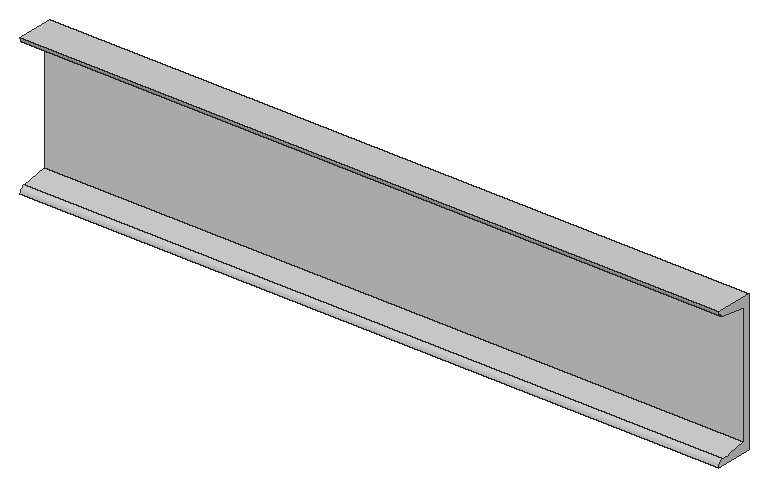
Revit family "BIMSF-C-Channel", category Structural Framing, Revit 2024
Family settings
  Section Shape = C-channel Sloped Flange
  Material for Model Behavior = Steel
  Always export as geometry = No
  Always vertical = Yes
  Cut with Voids When Loaded = No
  Symbolic Representation = From Project Settings
  Shared = No
  Show family pre-cut in plan views = Yes
Parameters (values of type "C12X30")
  Weight = 0.00 lbf/ft
  Structural Material [instance] = Metal - Steel - ASTM A36
  Start Extension Calculation [instance] = 10' 0 1/2" + Start Extension  # 10' - 0"
  Start Extension [instance] = -0' - 0 1/2"
  Reported Length [instance] = 5' - 0"
  End Extension Calculation [instance] = 10' 0 1/2" + End Extension  # 10' - 0"
  End Extension [instance] = -0' - 0 1/2"
  A = 8.80 in²
  Assembly Code = "B10"
  Length [instance] = 5' - 0"
  W = 30
  bf = 0' - 3 11/64"
  d = 1' - 0"
  tf = 0' - 0 1/2"
  tw = 0' - 0 131/256"
  x = 0' - 0 173/256"
Types (2): name | A | W | bf | d | tf | tw | x
  C12X30 | 8.80 in² | 30 | 0' - 3 11/64" | 1' - 0" | 0' - 0 1/2" | 0' - 0 131/256" | 0' - 0 173/256"
  C15X33.9 | 10.00 in² | 33.9 | 0' - 3 51/128" | 1' - 3" | 0' - 0 83/128" | 0' - 0 51/128" | 0' - 0 101/128"
Reference planes (in)
  plane 1 "Center (Front/Back)": y = 0
  plane 2: z = 0
  plane 3 "Center (Left/Right)": x = 0.1815
  plane 4 "Center Left/Right": y = 0.67578
  plane 5: y = -2.49609
  plane 6 "Top": z = 6
  plane 7: z = -6
  plane 8 "Left": x = -29.8185
  plane 9 "Right": x = 30.1815
Forms (in)
  Sweep 1, solid, material "Metal - Steel - ASTM A36" <- "Structural Material", detail levels fine
    path origin (0, 0, 0) x (1, 0, 0) y (0, 1, 0)
      loop
        line (30.1815, 0) -> (-29.8185, 0)
    profile "C-Channel-Profile-Fine : C-Channel-Profile-Fine" origin (0.1815, 0, 0) x (0, -1, 0) y (0, 0, 1)
      loop
        line (-0.67578, -6) -> (2.49609, -6)
        arc (2.49609, -6) -> (2.34965, -5.64645) -> (1.99609, -5.5) r 0.5
        line (1.99609, -5.5) -> (-0.16406, -5.15786) -> (-0.16406, 5.15786) -> (1.99609, 5.5)
        arc (1.99609, 5.5) -> (2.34965, 5.64645) -> (2.49609, 6) r 0.5
        line (2.49609, 6) -> (-0.67578, 6) -> (-0.67578, -6)
  Sweep 2, solid, material "Metal - Steel - ASTM A36" <- "Structural Material", detail levels medium
    path origin (0, 0, 0) x (1, 0, 0) y (0, 1, 0)
      loop
        line (30.1815, 0) -> (-29.8185, 0)
    profile "C-Channel-Profile-Medium : C-Channel-Profile-Medium" origin (0.1815, 0, 0) x (0, -1, 0) y (0, 0, 1)
      loop
        line (-0.67578, -6) -> (2.49609, -6) -> (2.49609, -5.5) -> (-0.16406, -5.07867) -> (-0.16406, 5.07867) -> (2.49609, 5.5) -> (2.49609, 6) -> (-0.67578, 6) -> (-0.67578, -6)
Lines and regions (in)
  symbolic lines, style "Hidden Faces", detail levels medium+fine
    curve 1: line (-23.8185, 0.1875, 5.5) -> (24.1815, 0.1875, 5.5)
    curve 2: line (-23.8185, 0.1875, -5.5) -> (24.1815, 0.1875, -5.5)
    curve 6: line (-29.8185, 0.16406, 0) -> (30.1815, 0.16406, 0)
  symbolic lines, style "Stick Symbols", detail levels coarse
    curve 3: line (0.1815, 0.67578, -6) -> (0.1815, 0.67578, 6)
    curve 4: line (0.1815, 0.67578, 6) -> (0.1815, -2.49609, 6)
    curve 5: line (0.1815, 0.67578, -6) -> (0.1815, -2.49609, -6)
Dimensions and locks (in)
  "bf": plane 4 "Center Left/Right" to plane 5
  "d": plane 7 to plane 6 "Top"
  "x": plane 4 "Center Left/Right" to plane 1 "Center (Front/Back)"
  equal spacing: plane 7, plane 2, plane 6 "Top"
  "Length": plane 8 "Left" to plane 9 "Right"
  "tw": plane 4 "Center Left/Right" to curve 6
  "tf": plane 6 "Top" to curve 1
  "tf": curve 2 to plane 7
  "Reported Length": Sweep 2 to Sweep 2
  aligned and locked: Sweep 1 sketch curve to plane 1 "Center (Front/Back)"
  aligned and locked: Sweep 2 sketch curve to plane 1 "Center (Front/Back)"
  aligned and locked: curve 4 to Sweep 2
  aligned and locked: Sweep 2 to curve 5
  aligned and locked: Sweep 2 to curve 4
  aligned and locked: curve 5 to Sweep 2
  aligned and locked: plane 8 "Left" to Sweep 2 sketch curve
  aligned and locked: plane 9 "Right" to Sweep 2 sketch curve
  aligned and locked: plane 8 "Left" to Sweep 1 sketch curve
  aligned and locked: plane 9 "Right" to Sweep 1 sketch curve
  aligned and locked: plane 8 "Left" to curve 6
  aligned and locked: plane 9 "Right" to curve 6
Automatic sketch dimensions
  curve 3 to plane 4 "Center Left/Right" = 0' - 0"
  curve 1 to plane 8 "Left" = 0' - 6"
  curve 2 to plane 8 "Left" = 0' - 6"
  plane 9 "Right" to curve 2 = 0' - 6"
  plane 9 "Right" to curve 1 = 0' - 6"
Types in the file's own list only (29): name | Weight | A | bf | d | tf | tw | x
  C15X50 | 50.00 lbf/ft | 14.70 in² | 0' - 3 3/4" | 1' - 3" | 0' - 0 5/8" | 0' - 0 11/16" | 0' - 0 13/16"
  C15X40 | 40.00 lbf/ft | 11.80 in² | 0' - 3 1/2" | 1' - 3" | 0' - 0 5/8" | 0' - 0 1/2" | 0' - 0 3/4"
  C12X25 | 25.00 lbf/ft | 7.34 in² | 0' - 3 1/16" | 1' - 0" | 0' - 0 1/2" | 0' - 0 3/8" | 0' - 0 11/16"
  C12X20.7 | 20.70 lbf/ft | 6.08 in² | 0' - 2 15/16" | 1' - 0" | 0' - 0 1/2" | 0' - 0 5/16" | 0' - 0 11/16"
  C10X30 | 30.00 lbf/ft | 8.81 in² | 0' - 3" | 0' - 10" | 0' - 0 7/16" | 0' - 0 11/16" | 0' - 0 5/8"
  C10X25 | 25.00 lbf/ft | 7.34 in² | 0' - 2 7/8" | 0' - 10" | 0' - 0 7/16" | 0' - 0 1/2" | 0' - 0 5/8"
  C10X20 | 20.00 lbf/ft | 5.87 in² | 0' - 2 3/4" | 0' - 10" | 0' - 0 7/16" | 0' - 0 3/8" | 0' - 0 5/8"
  C10X15.3 | 15.30 lbf/ft | 4.48 in² | 0' - 2 5/8" | 0' - 10" | 0' - 0 7/16" | 0' - 0 1/4" | 0' - 0 5/8"
  C9X20 | 20.00 lbf/ft | 5.87 in² | 0' - 2 5/8" | 0' - 9" | 0' - 0 7/16" | 0' - 0 7/16" | 0' - 0 9/16"
  C9X15 | 15.00 lbf/ft | 4.41 in² | 0' - 2 1/2" | 0' - 9" | 0' - 0 7/16" | 0' - 0 5/16" | 0' - 0 9/16"
  C9X13.4 | 13.40 lbf/ft | 3.94 in² | 0' - 2 7/16" | 0' - 9" | 0' - 0 7/16" | 0' - 0 1/4" | 0' - 0 5/8"
  C8X18.7 | 18.70 lbf/ft | 5.51 in² | 0' - 2 1/2" | 0' - 8" | 0' - 0 3/8" | 0' - 0 1/2" | 0' - 0 9/16"
  C8X13.7 | 13.70 lbf/ft | 4.04 in² | 0' - 2 5/16" | 0' - 8" | 0' - 0 3/8" | 0' - 0 5/16" | 0' - 0 9/16"
  C8X11.5 | 11.50 lbf/ft | 3.37 in² | 0' - 2 1/4" | 0' - 8" | 0' - 0 3/8" | 0' - 0 1/4" | 0' - 0 9/16"
  C7X14.7 | 14.70 lbf/ft | 4.33 in² | 0' - 2 5/16" | 0' - 7" | 0' - 0 3/8" | 0' - 0 7/16" | 0' - 0 9/16"
  C7X12.2 | 12.20 lbf/ft | 3.60 in² | 0' - 2 3/16" | 0' - 7" | 0' - 0 3/8" | 0' - 0 5/16" | 0' - 0 1/2"
  C7X9.8 | 9.80 lbf/ft | 2.87 in² | 0' - 2 1/16" | 0' - 7" | 0' - 0 3/8" | 0' - 0 3/16" | 0' - 0 9/16"
  C6X13 | 13.00 lbf/ft | 3.81 in² | 0' - 2 3/16" | 0' - 6" | 0' - 0 5/16" | 0' - 0 7/16" | 0' - 0 1/2"
  C6X10.5 | 10.50 lbf/ft | 3.08 in² | 0' - 2" | 0' - 6" | 0' - 0 5/16" | 0' - 0 5/16" | 0' - 0 1/2"
  C6X8.2 | 8.20 lbf/ft | 2.39 in² | 0' - 1 15/16" | 0' - 6" | 0' - 0 5/16" | 0' - 0 3/16" | 0' - 0 1/2"
  C5X9 | 9.00 lbf/ft | 2.64 in² | 0' - 1 7/8" | 0' - 5" | 0' - 0 5/16" | 0' - 0 5/16" | 0' - 0 1/2"
  C5X6.7 | 6.70 lbf/ft | 1.97 in² | 0' - 1 3/4" | 0' - 5" | 0' - 0 5/16" | 0' - 0 3/16" | 0' - 0 1/2"
  C4X7.2 | 7.20 lbf/ft | 2.13 in² | 0' - 1 3/4" | 0' - 4" | 0' - 0 5/16" | 0' - 0 5/16" | 0' - 0 7/16"
  C4X5.4 | 5.40 lbf/ft | 1.58 in² | 0' - 1 9/16" | 0' - 4" | 0' - 0 5/16" | 0' - 0 3/16" | 0' - 0 7/16"
  C4X4.5 | 4.50 lbf/ft | 1.38 in² | 0' - 1 9/16" | 0' - 4" | 0' - 0 5/16" | 0' - 0 1/8" | 0' - 0 1/2"
  C3X6 | 6.00 lbf/ft | 1.76 in² | 0' - 1 5/8" | 0' - 3" | 0' - 0 1/4" | 0' - 0 3/8" | 0' - 0 7/16"
  C3X5 | 5.00 lbf/ft | 1.47 in² | 0' - 1 1/2" | 0' - 3" | 0' - 0 1/4" | 0' - 0 1/4" | 0' - 0 7/16"
  C3X4.1 | 4.10 lbf/ft | 1.20 in² | 0' - 1 7/16" | 0' - 3" | 0' - 0 1/4" | 0' - 0 3/16" | 0' - 0 7/16"
  C3X3.5 | 3.50 lbf/ft | 1.09 in² | 0' - 1 3/8" | 0' - 3" | 0' - 0 1/4" | 0' - 0 1/8" | 0' - 0 7/16"
